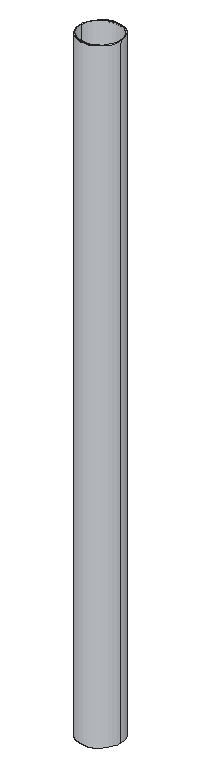
Revit family "墙体测斜", category 常规模型, Revit 2016
Family settings
  零件类型 = 标准
  可将钢筋附着到主体 = 否
  圆形连接件大小 = 使用直径
  基于工作平面 = 否
  总是垂直 = 是
  加载时剪切的空心 = 否
  共享 = 否
  房间计算点 = 否
Parameters
  直径 = 800 mm
  监测数据 [instance] = ""
  深度 = 12000 mm
  壁厚 = 20 mm
  内径 = 直径 - 2 * 壁厚  # 760 mm
Reference planes
  plane 1 "中心(前/后)": y = 0
  plane 2: z = 0
  plane 3 "中心(左/右)": x = 0
Forms (mm)
  Extrusion 1, solid
    sketch origin (3021.728, -229.593, 0) x (1, 0, 0) y (0, 1, 0)
      loop
        circle (-3021.728, 229.593) r 400
    from -12000 to 0
  Extrusion 2, void
    sketch origin (0, 0, 0) x (1, 0, 0) y (0, 1, 0)
      loop
        circle (0, 0) r 380
    from -12000 to 0
Cuts and joins
  Extrusion 2 cuts Extrusion 1
Dimensions and locks
  "深度": Extrusion 1 to Extrusion 1
  "直径": diameter of Extrusion 1 sketch curve
  "内径": diameter of Extrusion 2 sketch curve
  aligned and locked: level to plane 2
  aligned and locked: level to Extrusion 1
  aligned and locked: level to Extrusion 2
  aligned and locked: Extrusion 1 to Extrusion 2
Automatic sketch dimensions
  plane 1 "中心(前/后)" to Extrusion 1 sketch curve = 0 mm
  Extrusion 1 sketch curve to plane 3 "中心(左/右)" = 0 mm
  plane 1 "中心(前/后)" to Extrusion 2 sketch curve = 0 mm
  Extrusion 2 sketch curve to plane 3 "中心(左/右)" = 0 mm
